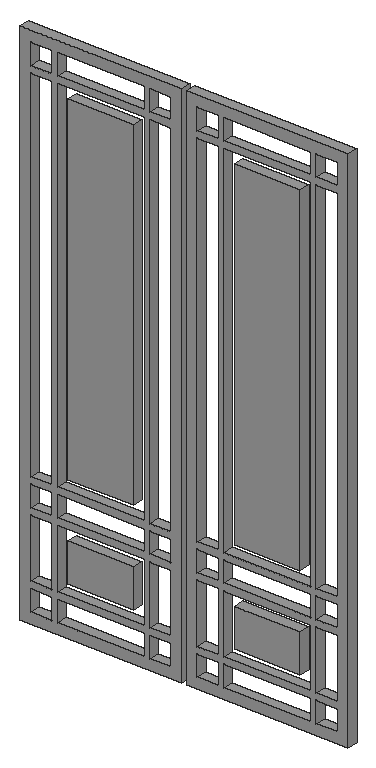
Revit family "DAL_A3-Gate-double", category Doors, host Wall, Revit 2016
Family settings
  Host = Wall
  Always vertical = Yes
  Cut with Voids When Loaded = No
  Shared = No
  Room Calculation Point = No
Parameters (values of type "Gate-double - 3000mm")
  Function = Interior
  Frame Projection Ext. = 25 mm
  Frame Projection Int. = 25 mm
  Frame Width = 75 mm
  Height = 2000 mm
  Wall Closure = By host
  Width = 1618 mm
  Description = ""
  Assembly Code = ""
Types (3, lengths in mm): name | Height | Width | Description
  Gate-double - 3000mm | 2000 | 1618 | ""
  Gate-double | 2550 | 1872.1 | "SPECIAL PURPOSE MILD STEEL ENTRANCE GATE MADE TO FIT OPENING ON SITE. TYPE + DESIGN TO H.O.A. APP. MEASURE ON SITE BEFORE MANUFACTURE."
  1790X2000 | 2000 | 1618 | ""
Reference planes
  plane 1: y = 0
  plane 2 "Center (Left/Right)": x = 0
  plane 3 "Left": x = -809
  plane 4 "Right": x = 809
  plane 5: z = 2720
  plane 6 "Exterior": y = 75
  plane 7 "Interior": y = -75
Forms (mm)
  Extrusion 1, solid, material "Gate"
    sketch origin (0, 75, 0) x (1, 0, 0) y (0, 0, 1)
      loop
        line (770.741, 47.51) -> (770.741, 2550) -> (11.741, 2550) -> (11.741, 47.51) -> (770.741, 47.51)
      loop
        line (720.741, 2370) -> (620.741, 2370) -> (620.741, 667.51) -> (720.741, 667.51) -> (720.741, 2370)
      loop
        line (61.741, 97.51) -> (161.741, 97.51) -> (161.741, 197.51) -> (61.741, 197.51) -> (61.741, 97.51)
      loop
        line (720.741, 97.51) -> (720.741, 197.51) -> (620.741, 197.51) -> (620.741, 97.51) -> (720.741, 97.51)
      loop
        line (595.741, 2370) -> (186.741, 2370) -> (186.741, 667.51) -> (595.741, 667.51) -> (595.741, 2370)
      loop
        line (161.741, 2370) -> (61.741, 2370) -> (61.741, 667.51) -> (161.741, 667.51) -> (161.741, 2370)
      loop
        line (720.741, 637.51) -> (620.741, 637.51) -> (620.741, 537.51) -> (720.741, 537.51) -> (720.741, 637.51)
      loop
        line (720.741, 507.51) -> (620.741, 507.51) -> (620.741, 227.51) -> (720.741, 227.51) -> (720.741, 507.51)
      loop
        line (595.741, 227.51) -> (595.741, 507.51) -> (186.741, 507.51) -> (186.741, 227.51) -> (595.741, 227.51)
      loop
        line (595.741, 197.51) -> (186.741, 197.51) -> (186.741, 97.51) -> (595.741, 97.51) -> (595.741, 197.51)
      loop
        line (161.741, 227.51) -> (161.741, 507.51) -> (61.741, 507.51) -> (61.741, 227.51) -> (161.741, 227.51)
      loop
        line (595.741, 537.51) -> (595.741, 637.51) -> (186.741, 637.51) -> (186.741, 537.51) -> (595.741, 537.51)
      loop
        line (161.741, 537.51) -> (161.741, 637.51) -> (61.741, 637.51) -> (61.741, 537.51) -> (161.741, 537.51)
      loop
        line (-770.741, 47.51) -> (-11.741, 47.51) -> (-11.741, 2550) -> (-770.741, 2550) -> (-770.741, 47.51)
      loop
        line (-720.741, 2370) -> (-720.741, 667.51) -> (-620.741, 667.51) -> (-620.741, 2370) -> (-720.741, 2370)
      loop
        line (-61.741, 97.51) -> (-61.741, 197.51) -> (-161.741, 197.51) -> (-161.741, 97.51) -> (-61.741, 97.51)
      loop
        line (-720.741, 97.51) -> (-620.741, 97.51) -> (-620.741, 197.51) -> (-720.741, 197.51) -> (-720.741, 97.51)
      loop
        line (-595.741, 2370) -> (-595.741, 667.51) -> (-186.741, 667.51) -> (-186.741, 2370) -> (-595.741, 2370)
      loop
        line (-186.741, 2500) -> (-595.741, 2500) -> (-595.741, 2400) -> (-186.741, 2400) -> (-186.741, 2500)
      loop
        line (-161.741, 2500) -> (-161.741, 2400) -> (-61.741, 2400) -> (-61.741, 2500) -> (-161.741, 2500)
      loop
        line (-720.741, 637.51) -> (-720.741, 537.51) -> (-620.741, 537.51) -> (-620.741, 637.51) -> (-720.741, 637.51)
      loop
        line (-720.741, 507.51) -> (-720.741, 227.51) -> (-620.741, 227.51) -> (-620.741, 507.51) -> (-720.741, 507.51)
      loop
        line (-595.741, 227.51) -> (-186.741, 227.51) -> (-186.741, 507.51) -> (-595.741, 507.51) -> (-595.741, 227.51)
      loop
        line (-595.741, 197.51) -> (-595.741, 97.51) -> (-186.741, 97.51) -> (-186.741, 197.51) -> (-595.741, 197.51)
      loop
        line (-161.741, 227.51) -> (-61.741, 227.51) -> (-61.741, 507.51) -> (-161.741, 507.51) -> (-161.741, 227.51)
      loop
        line (-595.741, 537.51) -> (-186.741, 537.51) -> (-186.741, 637.51) -> (-595.741, 637.51) -> (-595.741, 537.51)
      loop
        line (-161.741, 537.51) -> (-61.741, 537.51) -> (-61.741, 637.51) -> (-161.741, 637.51) -> (-161.741, 537.51)
      loop
        line (-61.741, 667.51) -> (-61.741, 2370) -> (-161.741, 2370) -> (-161.741, 667.51) -> (-61.741, 667.51)
      loop
        line (-720.741, 2400) -> (-620.741, 2400) -> (-620.741, 2500) -> (-720.741, 2500) -> (-720.741, 2400)
      loop
        line (595.741, 2500) -> (186.741, 2500) -> (186.741, 2400) -> (595.741, 2400) -> (595.741, 2500)
      loop
        line (620.741, 2500) -> (620.741, 2400) -> (720.741, 2400) -> (720.741, 2500) -> (620.741, 2500)
      loop
        line (61.741, 2400) -> (161.741, 2400) -> (161.741, 2500) -> (61.741, 2500) -> (61.741, 2400)
    from 100 to 50
  Extrusion 2, solid, material "Gate"
    sketch origin (0, 75, 0) x (1, 0, 0) y (0, 0, 1)
      loop
        line (545.741, 457.51) -> (236.741, 457.51) -> (236.741, 277.51) -> (545.741, 277.51) -> (545.741, 457.51)
    from 50 to 100
  Extrusion 3, solid, material "Gate"
    sketch origin (-723.482, 75, 0) x (1, 0, 0) y (0, 0, 1)
      loop
        line (486.741, 457.51) -> (177.741, 457.51) -> (177.741, 277.51) -> (486.741, 277.51) -> (486.741, 457.51)
    from 50 to 100
  Extrusion 4, solid, material "Gate"
    sketch origin (-723.482, 75, 1990) x (1, 0, 0) y (0, 0, 1)
      loop
        line (486.741, 330) -> (177.741, 330) -> (177.741, -1272.49) -> (486.741, -1272.49) -> (486.741, 330)
    from 50 to 100
  Extrusion 5, solid, material "Gate"
    sketch origin (750, 75, 1990) x (1, 0, 0) y (0, 0, 1)
      loop
        line (-204.259, 330) -> (-513.259, 330) -> (-513.259, -1272.49) -> (-204.259, -1272.49) -> (-204.259, 330)
    from 50 to 100
Lines and regions (mm)
  Opening 1
    outline origin (-3050, -75, 0) x (1, 0, 0) y (0, 0, 1)
      loop
        line (2241, 0) -> (3859, 0) -> (3859, 2720) -> (2241, 2720) -> (2241, 0)
  model lines
    curve 1: line (-769, -75, 0) -> (-769, -804, 0)
    curve 2: line (-729, -75, 0) -> (-729, -804, 0)
    curve 3: line (-729, -804, 0) -> (-769, -804, 0)
    curve 4: line (-729, -75, 0) -> (-769, -75, 0)
    curve 5: arc (-729, -804, 0) -> (-213.519, -590.481, 0) -> (0, -75, 0) r 729
    curve 6: line (769, -75, 0) -> (769, -804, 0)
    curve 7: line (729, -75, 0) -> (729, -804, 0)
    curve 8: line (729, -804, 0) -> (769, -804, 0)
    curve 9: line (729, -75, 0) -> (769, -75, 0)
    curve 10: arc (729, -804, 0) -> (213.519, -590.481, 0) -> (0, -75, 0) r 729
Text (mm)
  text "Exterior" at (-2295.016, 1099.543, 0), in view "Ref. Level"
  text "Exterior" at (0, 1615.38, 3698.081), in view "Left"
  text "Exterior" at (0, 1036.032, 3874.932), in view "Right"
Dimensions and locks
  equal spacing: plane 3 "Left", plane 2 "Center (Left/Right)", plane 4 "Right"
  "Width": plane 3 "Left" to plane 4 "Right"
  host wall to plane 5 = 2720 mm  (x2)
  locked: plane 6 "Exterior" to host wall at 0
  locked: plane 7 "Interior" to host wall
  aligned and locked: plane 3 "Left" to Opening 1 sketch curve
  aligned and locked: plane 5 to Opening 1 sketch curve
  aligned and locked: Opening 1 sketch curve to plane 5
  aligned and locked: Opening 1 sketch curve to plane 4 "Right"
  aligned and locked: Opening 1 sketch curve to level
  aligned and locked: plane 1 to host wall
  aligned and locked: Extrusion 2 sketch curve to Extrusion 5
  aligned and locked: Extrusion 5 to Extrusion 2 sketch curve
Automatic sketch dimensions
  level to Extrusion 2 sketch curve = 277.51 mm
  Extrusion 2 sketch curve to Extrusion 2 sketch curve = 180 mm
  Extrusion 3 sketch curve to plane 3 "Left" = 263.259 mm
  Extrusion 3 sketch curve to plane 2 "Center (Left/Right)" = 236.741 mm
  level to Extrusion 3 sketch curve = 277.51 mm
  Extrusion 3 sketch curve to Extrusion 3 sketch curve = 180 mm
  curve 1 to host wall = 0 mm
  curve 1 to plane 3 "Left" = 40 mm
  curve 1 to curve 5 = 40 mm
  curve 5 to host wall = 0 mm
  curve 5 to plane 2 "Center (Left/Right)" = 0 mm
  curve 10 to host wall = 0 mm
  curve 10 to plane 2 "Center (Left/Right)" = 0 mm
  curve 9 to host wall = 0 mm
  plane 4 "Right" to curve 9 = 80 mm
  curve 10 to curve 6 = 40 mm
  Extrusion 4 sketch curve to plane 3 "Left" = 263.259 mm
  Extrusion 4 sketch curve to plane 2 "Center (Left/Right)" = 236.741 mm
  plane 5 to Extrusion 4 sketch curve = 2002.49 mm
  Extrusion 4 sketch curve to Extrusion 4 sketch curve = 1602.49 mm
  plane 2 "Center (Left/Right)" to Extrusion 5 sketch curve = 236.741 mm
  plane 4 "Right" to Extrusion 5 sketch curve = 263.259 mm
  level to Extrusion 5 sketch curve = 717.51 mm
  plane 5 to Extrusion 5 sketch curve = 400 mm
  Extrusion 1 sketch curve to plane 3 "Left" = 38.259 mm
  Extrusion 1 sketch curve to Extrusion 1 sketch curve = 50 mm  (x8)
  Extrusion 1 sketch curve to plane 3 "Left" = 88.259 mm
  Extrusion 1 sketch curve to Extrusion 1 sketch curve = 0 mm  (x49)
  Extrusion 1 sketch curve to Extrusion 1 sketch curve = 100 mm  (x14)
  Extrusion 1 sketch curve to Extrusion 1 sketch curve = 25 mm  (x20)
  Extrusion 1 sketch curve to plane 2 "Center (Left/Right)" = 186.741 mm
  Extrusion 1 sketch curve to plane 2 "Center (Left/Right)" = 61.741 mm  (x2)
  Extrusion 1 sketch curve to plane 2 "Center (Left/Right)" = 11.741 mm
  plane 2 "Center (Left/Right)" to Extrusion 1 sketch curve = 11.741 mm
  plane 2 "Center (Left/Right)" to Extrusion 1 sketch curve = 61.741 mm  (x2)
  plane 4 "Right" to Extrusion 1 sketch curve = 213.259 mm  (x2)
  plane 4 "Right" to Extrusion 1 sketch curve = 88.259 mm  (x3)
  plane 4 "Right" to Extrusion 1 sketch curve = 38.259 mm
  level to Extrusion 1 sketch curve = 47.51 mm
  Extrusion 1 sketch curve to Extrusion 1 sketch curve = 30 mm  (x15)
  Extrusion 1 sketch curve to Extrusion 1 sketch curve = 280 mm  (x3)
  plane 5 to Extrusion 1 sketch curve = 350 mm  (x3)
